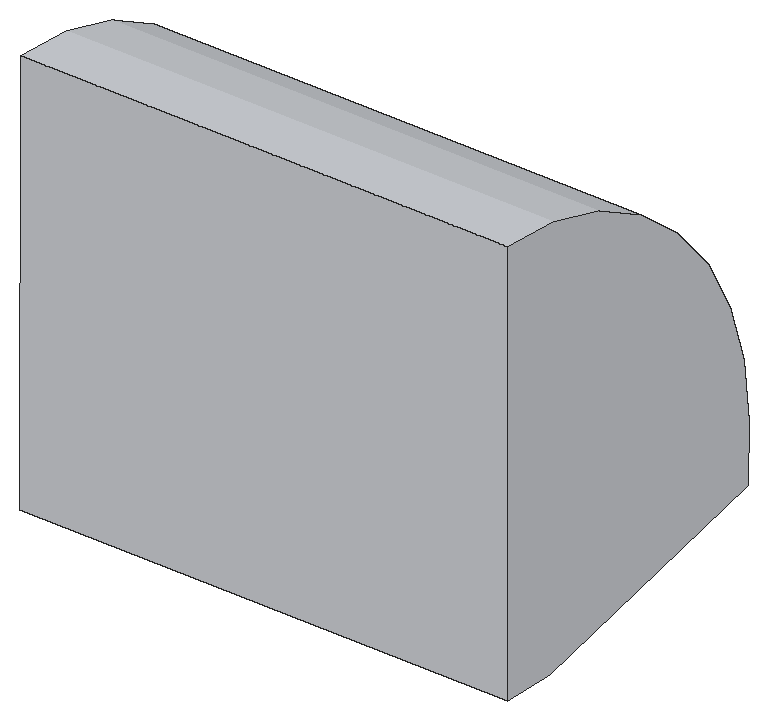
Revit family "DAN DRYER Stainless Design Mini Design 278", category Furniture Systems, host Wall, Revit 2017
Family settings
  Host = Wall
  Round Connector Dimension = Use Diameter
  Part Type = Normal
  Always vertical = Yes
  Cut with Voids When Loaded = No
  Shared = No
  Room Calculation Point = No
Parameters (values of type "Stål")
  Wicth = 254 mm
  URL = "http://www.dandryer.com/Files/Billeder/PDF/Datablade/Nye/Data%20sheet_%20Art.-No.%20278.pdf"
  Type Image = <None>
  Offset from Floor = 700 mm
  Model = "Stainless"
  Manufacturer = "http://www.dandryer.com/"
  Height = 212 mm
  Description = "Toilet paper roll holder, article no. 278"
  Cost = 0
Reference planes
  plane 1 "Wall": y = 0
  plane 2 "Center (Left/Right)": x = 125
  plane 3 "Back": y = 75
  plane 4 "Top": z = 700
  plane 5 "Bund": z = 488
  plane 6: x = 252
  plane 7: x = -2
Forms (mm)
  Extrusion 1, solid
    sketch origin (125, 0, 0) x (0, 1, 0) y (0, 0, 1)
      loop
        line (75, 488) -> (102.5, 488) -> (231.99, 519.484) -> (231.99, 549.168)
        arc (231.99, 549.168) -> (185.62, 658.021) -> (75, 700) r 150.953
        line (75, 700) -> (75, 488)
    from -127 to 127
  Extrusion 2, void
    sketch origin (125, 0, 0) x (0, 1, 0) y (0, 0, 1)
      loop
        line (117.1, 491.912) -> (208.623, 516.436) -> (202.828, 517.989) -> (114.651, 494.362) -> (117.1, 491.912)
    from -119.028 to 118.875
  Extrusion 3, solid
    sketch origin (125, 0, 0) x (0, 1, 0) y (0, 0, 1)
      loop
        line (202.828, 517.989) -> (115.894, 494.695) -> (117.596, 488.344) -> (204.53, 511.637) -> (202.828, 517.989)
    from 0 to 3
  Extrusion 4, solid
    sketch origin (125, 0, 0) x (0, 1, 0) y (0, 0, 1)
      loop
        line (204.53, 511.637) -> (202.828, 517.989) -> (115.894, 494.695) -> (117.596, 488.344) -> (204.53, 511.637)
    from -118 to -116
Cuts and joins
  Extrusion 2 cuts Extrusion 1
Text (mm)
  text "Placement Side" at (-1848.837, 1116.779, 0), in view "Ref. Level"
  text "Placement side" at (0, 1409.804, 2854.306), in view "Left"
  text "Placement side" at (0, 499.811, 2980.732), in view "Right"
Dimensions and locks
  locked: plane 3 "Back" to host wall
  "Height": plane 5 "Bund" to plane 4 "Top"
  equal spacing: plane 7, plane 2 "Center (Left/Right)", plane 6
  "Wicth": plane 7 to plane 6
  "Offset from Floor": level to plane 4 "Top"
  aligned and locked: plane 1 "Wall" to host wall
  aligned and locked: Extrusion 1 to plane 7
  aligned and locked: plane 6 to Extrusion 1
  aligned and locked: plane 4 "Top" to Extrusion 1 sketch curve
  aligned and locked: host wall to Extrusion 1 sketch curve
Automatic sketch dimensions
  Extrusion 1 sketch curve to plane 5 "Bund" = 0 mm
  host wall to Extrusion 1 sketch curve = 6.037 mm
  Extrusion 1 sketch curve to Extrusion 1 sketch curve = 27.5 mm
  plane 5 "Bund" to Extrusion 1 sketch curve = 31.484 mm
  plane 5 "Bund" to Extrusion 1 sketch curve = 61.168 mm
  plane 5 "Bund" to Extrusion 2 sketch curve = 3.912 mm
  host wall to Extrusion 2 sketch curve = 39.651 mm
  Extrusion 2 sketch curve to Extrusion 2 sketch curve = 2.449 mm
  plane 5 "Bund" to Extrusion 2 sketch curve = 6.362 mm
  Extrusion 2 sketch curve to Extrusion 2 sketch curve = 5.796 mm
  plane 5 "Bund" to Extrusion 2 sketch curve = 28.436 mm
  Extrusion 2 sketch curve to Extrusion 2 sketch curve = 1.553 mm
  Extrusion 2 sketch curve to Extrusion 2 sketch curve = 85.727 mm
  plane 5 "Bund" to Extrusion 3 sketch curve = 0.344 mm
  host wall to Extrusion 3 sketch curve = 42.596 mm
  plane 5 "Bund" to Extrusion 3 sketch curve = 23.637 mm
  plane 5 "Bund" to Extrusion 3 sketch curve = 6.695 mm
  Extrusion 3 sketch curve to Extrusion 3 sketch curve = 1.702 mm
  host wall to Extrusion 4 sketch curve = 127.828 mm
  plane 5 "Bund" to Extrusion 4 sketch curve = 6.695 mm
  host wall to Extrusion 4 sketch curve = 40.894 mm
  plane 5 "Bund" to Extrusion 4 sketch curve = 23.637 mm
  plane 5 "Bund" to Extrusion 4 sketch curve = 0.344 mm
